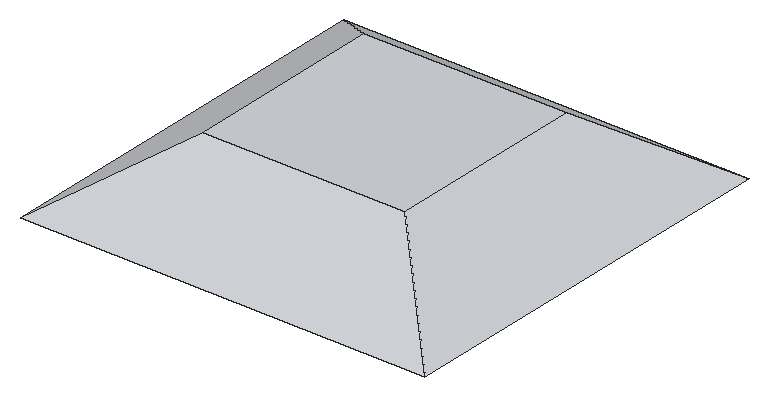
Revit family "57a6e6c5c7924fee8b702bf7eabf9af7", category Air Terminals, Revit 2021
Family settings
  Round Connector Dimension = Use Diameter
  Part Type = Normal
  OmniClass Number = 23.75.70.21.27.11
  OmniClass Title = Diffusers, Registers, and Grilles
  Seek Item ID = Supply Diffuser-0000-USA-ENU
  Work Plane-Based = No
  Always vertical = Yes
  Cut with Voids When Loaded = No
  Shared = No
  Room Calculation Point = No
Parameters (values of type "24 x 24 Face 12 x 12 Connection")
  Width 1 = Diffuser Width * 0.65  # 1' - 3.6"
  Duct Width = 12"
  Duct Height = Duct Width  # 12"
  Diffuser Width = 2' - 0"
  UpArrow [instance] = yes
  Pressure Drop [instance] = 0.0563 in-wg
  RightArrow [instance] = yes
  LeftArrow [instance] = yes
  Flow [instance] = 500 CFM
  DownArrow [instance] = yes
  Diffuser Height = Diffuser Width  # 2' - 0"
  Default Elevation = 0' - 0"
  Assembly Code = ""
Reference planes (in)
  plane 1 "Center (Front/Back)": y = 0
  plane 2: z = 0
  plane 3 "Center (Left/Right)": x = 0
Forms (in)
  Blend 1, solid
    base sketch origin (0, 0, 0) x (1, 0, 0) y (0, 1, 0)
      loop
        line (-12, 12) -> (-12, -12) -> (12, -12) -> (12, 12) -> (-12, 12)
    top sketch origin (0, 0, 0) x (1, 0, 0) y (0, 1, 0)
      loop
        line (-6, 6) -> (-6, -6) -> (6, -6) -> (6, 6) -> (-6, 6)
    from 0 to 4
Lines and regions (in)
  symbolic lines, style "DuctTerminal"
    curve 1: line (-12, -12, 0) -> (12, 12, 0)
    curve 2: line (12, -12, 0) -> (-12, 12, 0)
    curve 3: line (-12, 12, 0) -> (12, 12, 0)
    curve 4: line (12, 12, 0) -> (12, -12, 0)
    curve 5: line (12, -12, 0) -> (-12, -12, 0)
    curve 6: line (-12, 12, 0) -> (-12, -12, 0)
Dimensions and locks (in)
  equal spacing: Blend 1 sketch curve, plane 3 "Center (Left/Right)", Blend 1 sketch curve  (x2)
  "Diffuser Width": Blend 1 sketch curve to Blend 1 sketch curve
  equal spacing: Blend 1 sketch curve, plane 1 "Center (Front/Back)", Blend 1 sketch curve  (x2)
  "Diffuser Height": Blend 1 sketch curve to Blend 1 sketch curve
  "Duct Width": Blend 1 sketch curve to Blend 1 sketch curve
  "Duct Height": Blend 1 sketch curve to Blend 1 sketch curve
  "Width 1": nested 1 to plane 3 "Center (Left/Right)"
  "Width 1": plane 1 "Center (Front/Back)" to nested 2
  "Width 1": plane 3 "Center (Left/Right)" to nested 3
  "Width 1": plane 1 "Center (Front/Back)" to nested 4
  aligned and locked: Blend 1 to curve 1
  aligned and locked: curve 1 to Blend 1
  aligned and locked: curve 2 to Blend 1
  aligned and locked: curve 6 to Blend 1
Nested families (in)
  nested 1: "Duct Terminal Arrow" at (-15.6, 0, 0) x (-1, 0, 0) z (0, 0, 1), visible <- "LeftArrow", type "Duct Terminal Arrow"
  nested 2: "Duct Terminal Arrow" at (0, 15.6, 0) x (0, 1, 0) z (0, 0, 1), visible <- "UpArrow", type "Duct Terminal Arrow"
  nested 3: "Duct Terminal Arrow" at (15.6, 0, 0), visible <- "RightArrow", type "Duct Terminal Arrow"
  nested 4: "Duct Terminal Arrow" at (0, -15.6, 0) x (0, -1, 0) z (0, 0, 1), visible <- "DownArrow", type "Duct Terminal Arrow"
Connectors (in)
  hvac at (0, 0, 4), driven by "Duct Width", driven by "Duct Width", driven by "Flow", driven by "Pressure Drop"
    settings: on Blend 1, index 0, duct flow 500 CFM, flow factor 0, pres drop 0.0563 in-wg, loss coef 0, conn angle 0.00°, conn width 12", conn height 12", conn diameter 24", duct sys type 1, conn prof type 1, flow config 1, flow direction 1, loss method 4, conn ref index -1, conn util no, is conn primary yes, conn desc ""
Definition of nested family "Duct Terminal Arrow"
  Parameters
    Width = (Length / 2) / cos(15.00°)  # 1.03528"
    Length = 2"
  Reference planes (in)
    plane 1 "Center (Front/Back)": y = 0
    plane 2: z = 0
    plane 3 "Center (Left/Right)": x = 0
  Lines and regions (in)
    Filled region 1, type "Concrete Block", in view "Ref. Level"
      outline origin (0, 0, 0) x (1, 0, 0) y (0, 1, 0)
        loop
          line (1, 0.26795) -> (1, -0.26795) -> (2, 0) -> (1, 0.26795)
    detail lines, in view "Ref. Level"
      curve 1: line (0, 0, 0) -> (2, 0, 0)
      curve 2: line (2, 0, 0) -> (1, 0.26795, 0)
      curve 3: line (2, 0, 0) -> (1, -0.26795, 0)
      curve 4: line (1, 0.26795, 0) -> (1, -0.26795, 0)
  Dimensions and locks (in)
    "Length": curve 1 to curve 1
    "Width": curve 2 to curve 2
    "Width": curve 3 to curve 3
    locked: curve 2 to curve 1 (angle 15.00°)
    locked: curve 1 to curve 3 (angle 15.00°)
    aligned and locked: plane 3 "Center (Left/Right)" to curve 1
    aligned and locked: plane 1 "Center (Front/Back)" to curve 1
    aligned and locked: Filled region 1 sketch curve to curve 4
    aligned and locked: Filled region 1 sketch curve to curve 2
    aligned and locked: Filled region 1 sketch curve to curve 3
